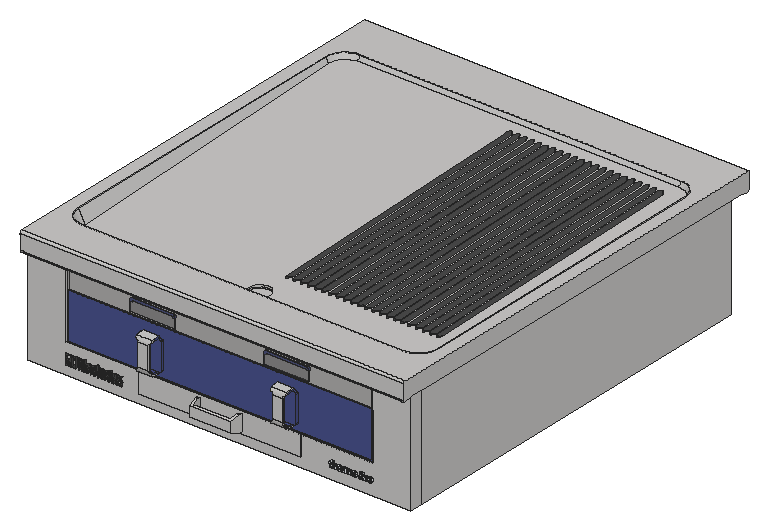
Revit family "QF_ELECTROLUXPROFESSIONAL_589832_MCHOAAHODM", category Attrezzature speciali, Revit 2020 (continued)
Definition of nested family "Rib_D12"
  Forms (mm)
    Extrusion 3, void
      sketch origin (0, 0, 0) x (1, 0, 0) y (0, 1, 0)
        loop
          line (2.484, 281.02) -> (6, 274.93) -> (6, 282.93) -> (-6, 282.93) -> (-6, 274.93)
        loop
          line (-6, -297.07) -> (-6, -305.07) -> (6, -305.07) -> (6, -297.07) -> (2.484, -303.16)
          arc (2.484, -303.16) -> (0, -304.594) -> (-2.484, -303.16) r 2.868
          line (-2.484, -303.16) -> (-6, -297.07)
      from 0 to 2
  Cuts and joins
    Extrusion 3 cuts Extrusion 2
  Lines and regions (mm)
    symbolic lines
      curve 1: line (64.247, -11.07, 0) -> (64.247, -11.07, 4)
      curve 2: line (64.247, -11.07, 4) -> (-64.765, -11.07, 4)
      curve 3: line (-64.765, -11.07, 4) -> (-64.765, -11.07, 0)
      curve 4: line (-40, -11.07, 8) -> (-40, -11.07, 4)
      curve 5: line (40, -11.07, 8) -> (40, -11.07, 4)
      curve 6: line (40, -11.07, 8) -> (-40, -11.07, 8)
      curve 7: line (6, -297.07, 0) -> (6, 274.93, 0)
      curve 8: line (-6, 274.93, 0) -> (-6, -297.07, 0)
      curve 9: line (-6, 274.93, 0) -> (-2.484, 281.02, 0)
      curve 10: line (2.484, 281.02, 0) -> (6, 274.93, 0)
      curve 11: arc (-2.484, 281.02, 0) -> (0, 282.454, 0) -> (2.484, 281.02, 0) r 2.868
      curve 12: line (-2.484, -303.16, 0) -> (-6, -297.07, 0)
      curve 13: arc (2.484, -303.16, 0) -> (0, -304.594, 0) -> (-2.484, -303.16, 0) r 2.868
      curve 14: line (6, -297.07, 0) -> (2.484, -303.16, 0)
  Dimensions and locks
    "Lenght": plane 4 "Back" to plane 5 "Front"
    equal spacing: plane 4 "Back", plane 1 "Center (Front/Back)", plane 5 "Front"
    aligned and locked: plane 2 to Extrusion 1
    aligned and locked: level to Extrusion 1
    aligned and locked: plane 4 "Back" to Extrusion 2
    aligned and locked: Extrusion 2 to plane 5 "Front"
  Automatic sketch dimensions
    curve 3 to level = 0 mm
    curve 1 to level = 0 mm
    level to curve 3 = 4 mm
    curve 3 to plane 3 "Center (Left/Right)" = 64.765 mm
    level to curve 6 = 8 mm
    curve 2 to curve 6 = 24.765 mm
    plane 3 "Center (Left/Right)" to curve 5 = 40 mm
    curve 5 to curve 1 = 24.247 mm
    Extrusion 1 sketch curve to Extrusion 1 sketch curve = 364.491 mm
    Extrusion 1 sketch curve to Extrusion 1 sketch curve = 1012.755 mm
    Extrusion 3 sketch curve to plane 3 "Center (Left/Right)" = 0 mm  (x2)
    Extrusion 3 sketch curve to plane 3 "Center (Left/Right)" = 2.484 mm  (x2)
    Extrusion 3 sketch curve to plane 3 "Center (Left/Right)" = 6 mm
    Extrusion 3 sketch curve to Extrusion 3 sketch curve = 3.516 mm  (x2)
    plane 3 "Center (Left/Right)" to Extrusion 3 sketch curve = 2.484 mm  (x2)
    plane 3 "Center (Left/Right)" to Extrusion 3 sketch curve = 6 mm
    plane 5 "Front" to Extrusion 3 sketch curve = 0 mm
    Extrusion 3 sketch curve to Extrusion 3 sketch curve = 1.91 mm  (x2)
    Extrusion 3 sketch curve to Extrusion 3 sketch curve = 1.434 mm  (x2)
    Extrusion 3 sketch curve to Extrusion 3 sketch curve = 6.09 mm  (x2)
    Extrusion 3 sketch curve to plane 4 "Back" = 8 mm
    Extrusion 3 sketch curve to Extrusion 3 sketch curve = 0 mm
    Extrusion 3 sketch curve to Extrusion 3 sketch curve = 4.656 mm
    curve 9 to plane 3 "Center (Left/Right)" = 6 mm
    curve 8 to plane 4 "Back" = 8 mm
    curve 9 to plane 3 "Center (Left/Right)" = 2.484 mm
    plane 3 "Center (Left/Right)" to curve 7 = 6 mm
    plane 5 "Front" to curve 8 = 8 mm
    plane 5 "Front" to curve 7 = 8 mm
    curve 7 to plane 4 "Back" = 8 mm
    curve 9 to plane 4 "Back" = 1.91 mm
    plane 3 "Center (Left/Right)" to curve 10 = 2.484 mm
    curve 10 to plane 4 "Back" = 1.91 mm
    curve 11 to curve 9 = 1.434 mm
    curve 12 to plane 3 "Center (Left/Right)" = 2.484 mm
    plane 5 "Front" to curve 12 = 1.91 mm
    curve 13 to plane 3 "Center (Left/Right)" = 0 mm
    curve 13 to curve 13 = 1.434 mm
    plane 5 "Front" to curve 13 = 1.91 mm
    Extrusion 2 sketch curve to plane 3 "Center (Left/Right)" = 0 mm
    Extrusion 2 sketch curve to plane 3 "Center (Left/Right)" = 6 mm
    Extrusion 2 sketch curve to level = 9.738 mm
    Extrusion 2 sketch curve to Extrusion 2 sketch curve = 9.738 mm
